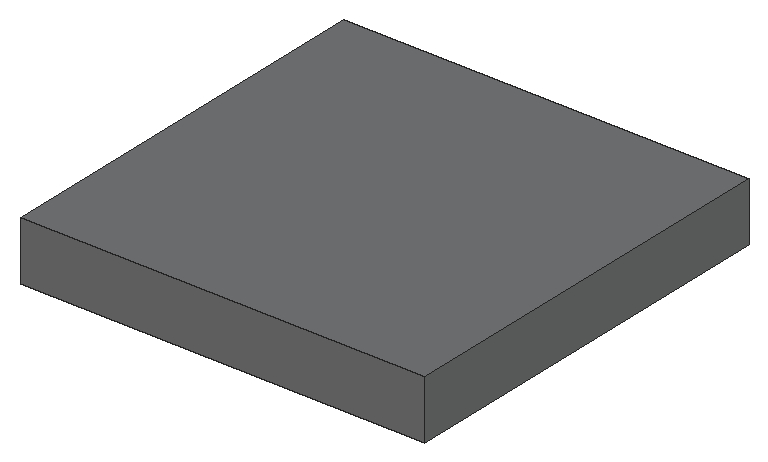
Revit family "Gira_029426", category Electrical Fixtures, host Face, Revit 2017
Family settings
  Host = Face
  Maintain Annotation Orientation = No
  Round Connector Dimension = Use Diameter
  Part Type = Normal
  Cut with Voids When Loaded = No
  Shared = No
  Room Calculation Point = No
Parameters (values of type "Wippe 2f Pfeilsymbol System 55 F Alu")
  Werkstoffgüte = "Thermoplast"
  Werkstoff = "Kunststoff"
  Verwendung = "Jalousie"
  URL = "http://katalog.gira.de/de_DE/datenblatt.html?artikelnr=029426"
  Region = "DE"
  Oberfläche = "sonstige"
  Name = "Wippe 2f Pfeilsymbol System 55 F Alu"
  Mit austauschbarer Linse/Symbol = "No"
  Mit Beschriftungsfeld = "No"
  Manufacturer URL = "https://www.gira.de/"
  Kontrollfenster/Lichtauslass = "No"
  Keynote = "Sys55_Abdeckung_Schalten und Tasten"
  HeinzeBIM = "https://bimportal.heinze.de/bim/wippe-2f-pfeilsymbol-system-55-f-alu/8e6146b40889c6825ba51ee2e2f30c12e2ae2c5c"
  Halogenfrei = "Yes"
  HAN = "029426"
  Geeignet für Schutzart (IP) = "IP20"
  Geeignet für Bussystem-Tasterankopplung = "No"
  GTIN = "4010337294269"
  Farbe = "aluminium"
  Default Elevation = 1219.2 mm
  Data sheet (1) = "https://katalog.gira.de/de_DE/download.html?artikelnr=029426"
  Category = "Abdeckung/Bedienelement für Installationsschalterprogramme"
  Befestigungsart = "Klemmbefestigung"
  Available = "Yes"
  Ausführung = "zweiteilige Wippe"
  Aufdruck/Kennzeichnung = "diverse Symbole"
  Anthrazit [instance] = Anthrazit
  Abtastbares Symbol/barrierefrei = "No"
Reference planes
  plane 1 "Center (Front/Back)": y = 0
  plane 2: z = 0
  plane 3 "Center (Left/Right)": x = 0
Forms (mm)
  Extrusion 1, solid, material "Anthrazit" <- "Anthrazit", detail levels fine
    sketch origin (0, 0, 0) x (1, 0, 0) y (0, 1, 0)
      loop
        line (-27.5, 27.5) -> (-27.5, -27.5) -> (27.5, -27.5) -> (27.5, 27.5) -> (-27.5, 27.5)
    from 0 to 8
  Extrusion 2, void
    sketch origin (0, 0, 0) x (1, 0, 0) y (0, 1, 0)
      loop
        line (26, 26) -> (-26, 26) -> (-26, -26) -> (26, -26) -> (26, 26)
    from 0 to 6
  Extrusion 3, solid, material "Anthrazit" <- "Anthrazit", detail levels medium
    sketch origin (0, 0, 0) x (1, 0, 0) y (0, 1, 0)
      loop
        line (-27.5, 27.5) -> (-27.5, -27.5) -> (27.5, -27.5) -> (27.5, 27.5) -> (-27.5, 27.5)
    from 0 to 8
  Extrusion 4, solid, material "Anthrazit" <- "Anthrazit", detail levels medium
    sketch origin (0, 0, 0) x (1, 0, 0) y (0, 1, 0)
      loop
        line (11, -17.5) -> (11, 17.5) -> (-11, 17.5) -> (-11, -17.5) -> (11, -17.5)
    from -6 to 6
  Extrusion 5, solid, material "Anthrazit" <- "Anthrazit", detail levels fine
    sketch origin (0, 0, 0) x (1, 0, 0) y (0, 1, 0)
      loop
        line (11, 17.5) -> (-11, 17.5) -> (-11, 16.5) -> (11, 16.5) -> (11, 17.5)
      loop
        line (-11, -16.5) -> (-11, -17.5) -> (11, -17.5) -> (11, -16.5) -> (-11, -16.5)
    from -4 to 6
  Extrusion 6, solid, material "Anthrazit" <- "Anthrazit", detail levels fine
    sketch origin (0, 0, 0) x (1, 0, 0) y (0, 1, 0)
      loop
        arc (5, 9.347) -> (0, 10.6) -> (-5, 9.347) r 10.6
        line (-5, 9.347) -> (-5, -9.347)
        arc (-5, -9.347) -> (0, -10.6) -> (5, -9.347) r 10.6
        line (5, -9.347) -> (5, 9.347)
    from -6 to 6
  Extrusion 7, solid, material "Anthrazit" <- "Anthrazit", detail levels coarse
    sketch origin (0, 0, 0) x (1, 0, 0) y (0, 1, 0)
      loop
        line (-27.5, 27.5) -> (-27.5, -27.5) -> (27.5, -27.5) -> (27.5, 27.5) -> (-27.5, 27.5)
    from -6 to 8
Cuts and joins
  Extrusion 2 cuts Extrusion 1
Dimensions and locks
  aligned and locked: plane 2 to host face
  aligned and locked: level to host face
